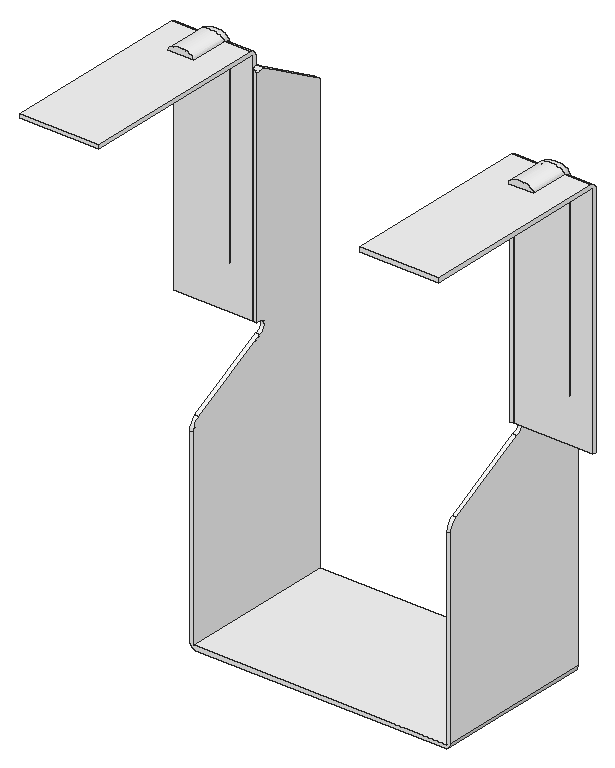
Revit family "SQクリップ4040用", category 機械設備, Revit 2020
Family settings
  丸型コネクタ寸法 = 直径を使用
  種別 = なし
  パーツ タイプ = 標準
  作業面ベース = いいえ
  常に垂直 = はい
  ロード時にボイドで切り取り = いいえ
  共有 = いいえ
  部屋計算ポイント = いいえ
Parameters
  製造元 = "株式会社桐井製作所"
  既定の高さ = 0 mm
  URL = "https://www.kirii.co.jp/"
  K_材質 = "溶融亜鉛めっき鋼板"
  K_品名 = "SQクリップ4040用"
  K_名称 = "SQ-BAR関連部材"
  K_入数 = "150"
  K_バージョン情報 = "20210524"
Reference planes
  plane 1 "中心(正面/背面)": y = 0
  plane 2: z = 0
  plane 3 "中心(左/右)": x = 0
Forms (mm)
  Extrusion 1, solid
    sketch origin (0, 0, 0) x (1, 0, 0) y (0, 0, 1)
      loop
        line (20.05, 76.328) -> (20.05, 0.6) -> (-20.05, 0.6) -> (-20.05, 76.328) -> (-20.65, 76.928) -> (-20.65, 1)
        arc (-20.65, 1) -> (-20.357, 0.293) -> (-19.65, 0) r 1
        line (-19.65, 0) -> (19.65, 0)
        arc (19.65, 0) -> (20.357, 0.293) -> (20.65, 1) r 1
        line (20.65, 1) -> (20.65, 76.928) -> (20.05, 76.328)
    from -12.6 to 12.4
  Extrusion 2, void
    sketch origin (0, 0, 0) x (0, 1, 0) y (0, 0, 1)
      loop
        line (12.6, 76.928) -> (0.6, 76.928) -> (12.1, 70.289)
        arc (12.1, 70.289) -> (12.466, 69.923) -> (12.6, 69.423) r 1
        line (12.6, 69.423) -> (12.6, 76.928)
    from 20.05 to 21.265
  Extrusion 3, void
    sketch origin (0, 0, 0) x (0, 1, 0) y (0, 0, 1)
      loop
        line (12.6, 76.928) -> (0.6, 76.928) -> (12.1, 70.289)
        arc (12.1, 70.289) -> (12.466, 69.923) -> (12.6, 69.423) r 1
        line (12.6, 69.423) -> (12.6, 76.928)
    from -21.202 to -20.05
  Extrusion 4, void
    sketch origin (0, 0, 0) x (0, 1, 0) y (0, 0, 1)
      loop
        line (-11.339, 32.564) -> (0.6, 38.912)
        arc (0.6, 38.912) -> (1.595, 39.823) -> (0.8, 40.912) r 1.011
        line (0.8, 40.912) -> (0, 40.912) -> (0, 76.928) -> (-12.4, 76.928) -> (-12.4, 30.798)
        arc (-12.4, 30.798) -> (-12.114, 31.828) -> (-11.339, 32.564) r 2
    from 20.05 to 21.265
  Extrusion 5, void
    sketch origin (-40.7, 0, 0) x (0, 1, 0) y (0, 0, 1)
      loop
        line (-11.339, 32.564) -> (0.6, 38.912)
        arc (0.6, 38.912) -> (1.595, 39.816) -> (0.8, 40.901) r 1.005
        line (0.8, 40.901) -> (0, 40.901) -> (0, 76.928) -> (-12.4, 76.928) -> (-12.4, 30.798)
        arc (-12.4, 30.798) -> (-12.114, 31.828) -> (-11.339, 32.564) r 2
    from 20.05 to 21.265
  Extrusion 6, solid
    sketch origin (0, 0, 0) x (0, 1, 0) y (0, 0, -1)
      loop
        arc (-0.4, -79.2) -> (0.307, -78.907) -> (0.6, -78.2) r 1
        line (0.6, -78.2) -> (0.6, -40.301) -> (0, -40.901) -> (0, -78.6) -> (-30.405, -78.6) -> (-31.005, -79.2) -> (-0.4, -79.2)
    from 20.65 to 33.15
  Extrusion 7, void
    sketch origin (0, 0, 0) x (0, 1, 0) y (0, 0, 1)
      loop
        line (-30.405, 78.6) -> (-30.405, 79.382) -> (-31.205, 79.382) -> (-31.205, 78.6) -> (-30.405, 78.6)
    from 20.65 to 33.15
  Extrusion 8, solid
    sketch origin (0, 0, 0) x (0, 1, 0) y (0, 0, 1)
      loop
        line (-0.4, 79.2) -> (-31.005, 79.2) -> (-30.405, 78.6) -> (0, 78.6) -> (0, 40.911) -> (0.6, 40.311) -> (0.6, 78.2)
        arc (0.6, 78.2) -> (0.307, 78.907) -> (-0.4, 79.2) r 1
    from 20.65 to 33.15
  Extrusion 9, void
    sketch origin (0, 0, 0) x (0, 1, 0) y (0, 0, -1)
      loop
        line (-30.405, -78.6) -> (-31.205, -78.6) -> (-31.205, -79.382) -> (-30.405, -79.382) -> (-30.405, -78.6)
    from 20.65 to 33.15
  Extrusion 10, void
    sketch origin (0, 0, 0) x (0, 1, 0) y (0, 0, 1)
      loop
        line (0.6, 40.912) -> (-0.2, 40.912) -> (-0.2, 40.112) -> (0.6, 40.112) -> (0.6, 40.912)
    from 20.65 to 33.15
  Extrusion 11, void
    sketch origin (-53.821, 0, 0) x (0, 1, 0) y (0, 0, 1)
      loop
        line (0.6, 40.912) -> (-0.2, 40.912) -> (-0.2, 40.112) -> (0.6, 40.112) -> (0.6, 40.912)
    from 20.671 to 34.386
  Sweep 12, solid
    path origin (26.9, 0, 0) x (0, 1, 0) y (0, 0, 1)
      loop
        line (0.6, 45.912) -> (0.6, 78.2)
        arc (0.6, 78.2) -> (0.307, 78.907) -> (-0.4, 79.2) r 1
        line (-0.4, 79.2) -> (-6.381, 79.2)
    profile origin (26.9, -3.39, 79.2) x (0, 0, -1) y (1, 0, 0)
      loop
        line (0, -2) -> (0, 2)
        spline (0, 2) -> (-0.259, 1.932) -> (-0.501, 1.732) -> (-0.709, 1.414) -> (-0.868, 1) -> (-0.968, 0.518) -> (-1.002, 0) -> (-0.968, -0.518) -> (-0.868, -1) -> (-0.709, -1.414) -> (-0.501, -1.732) -> (-0.259, -1.932) -> (0, -2)
  Extrusion 13, void
    sketch origin (0, 0, 0) x (1, 0, 0) y (0, 0, 1)
      loop
        line (28.9, 47.823) -> (28.9, 45.45) -> (24.9, 45.45) -> (24.9, 47.912)
        arc (24.9, 47.912) -> (26.9, 45.912) -> (28.9, 47.912) r 2
    from -1.846 to -0.6
  Sweep 14, solid
    path origin (-26.9, 0, 0) x (0, 1, 0) y (0, 0, 1)
      loop
        line (0.6, 45.912) -> (0.6, 78.2)
        arc (0.6, 78.2) -> (0.307, 78.907) -> (-0.4, 79.2) r 1
        line (-0.4, 79.2) -> (-6.381, 79.2)
    profile origin (-26.9, -3.39, 79.2) x (0, 0, -1) y (1, 0, 0)
      loop
        line (0, -2) -> (0, 2)
        spline (0, 2) -> (-0.259, 1.932) -> (-0.501, 1.732) -> (-0.709, 1.414) -> (-0.868, 1) -> (-0.968, 0.518) -> (-1.002, 0) -> (-0.968, -0.518) -> (-0.868, -1) -> (-0.709, -1.414) -> (-0.501, -1.732) -> (-0.259, -1.932) -> (0, -2)
  Extrusion 15, void
    sketch origin (-53.8, 0, 0) x (1, 0, 0) y (0, 0, 1)
      loop
        line (28.9, 47.823) -> (28.9, 45.45) -> (24.9, 45.45) -> (24.9, 47.912)
        arc (24.9, 47.912) -> (26.9, 45.912) -> (28.9, 47.912) r 2
    from -1.846 to -0.6
Cuts and joins
  Extrusion 9, Extrusion 11 cuts Extrusion 6
  Extrusion 7, Extrusion 9, Extrusion 10, Extrusion 13, Extrusion 15 cuts Extrusion 8
  joined: Extrusion 6, Extrusion 8
  Extrusion 13, Extrusion 15 cuts Sweep 12
  Extrusion 15 cuts Sweep 14
  Extrusion 2, Extrusion 3, Extrusion 4, Extrusion 5 cuts Extrusion 1
Dimensions and locks
  aligned and locked: level to plane 2
